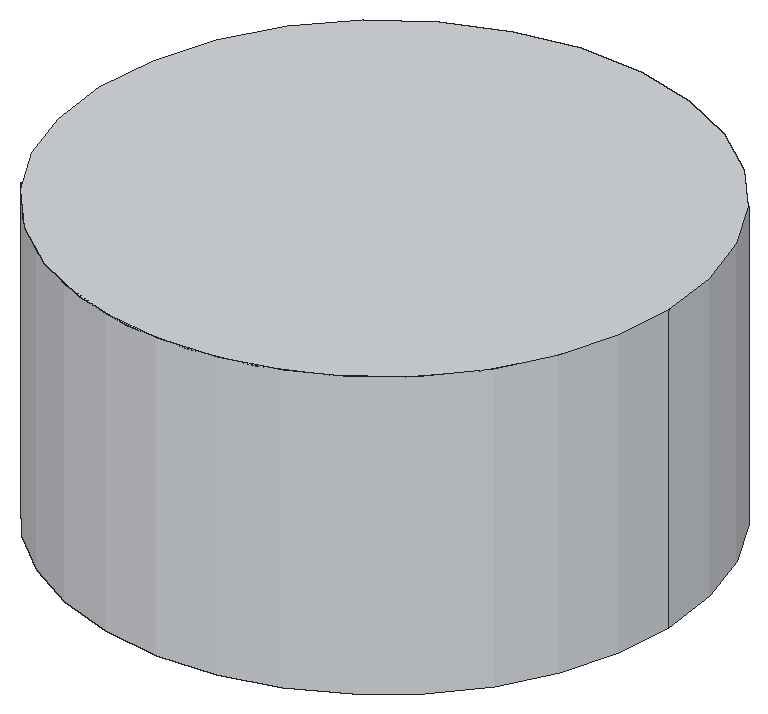
Revit family "07102400", category Specialty Equipment, Revit 2020
Family settings
  Round Connector Dimension = Use Diameter
  Part Type = Normal
  OmniClass Number = 23.40.40.14
  OmniClass Title = Food Service Equipment
  Work Plane-Based = No
  Always vertical = Yes
  Cut with Voids When Loaded = No
  Shared = No
  Room Calculation Point = No
Parameters (values of type "Standard")
  URL = "https://www.rustfriebergh.no/produkter/kj-lte-arbeidsbord/kj-lt-arbeidsbord-rbe"
  Model = "07102400"
  Manufacturer = "Rustfrie Bergh AS"
  Description = "Kjølt arbeidsbord RBE-2400"
  Default Elevation = 0 mm
Reference planes
  plane 1 "Center (Front/Back)": y = 0
  plane 2: z = 0
  plane 3 "Center (Left/Right)": x = 0
Forms (mm)
  Extrusion 1, solid
    sketch origin (-2177.468, -967.276, -3379.113) x (0, 1, 0) y (1, 0, 0)
      loop
        circle (0, 0) r 3.048
    from 0 to -3.048
Dimensions and locks
  aligned and locked: level to plane 2
Connectors
  electrical at (-2177.468, -967.276, -3379.113)
    settings: on Extrusion 1, index 1, voltage 230 V, apparent load 480 VA, apparent load phase1 0 VA, apparent load phase2 0 VA, apparent load phase3 0 VA, power factor 0, load classification "Other", number of poles 1, system type 30, power factor state 1, is connector primary yes, connector utility no, sub classification motor no, connector description "230V 50 Hz 2,09A"
